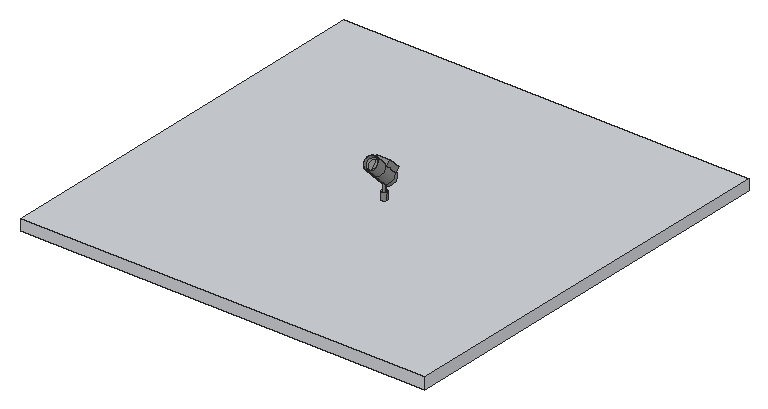
Revit family
Parameters (values of type "ARCOS 1 1/50W QR-CBC 60°")
  URL = "http://www.zumtobel.com/60711218"
  Type Comments = ""
  Note [instance] = "Angle value ranges between 6° and 76°"  # constant formula
  Model = "60711218"
  Manufacturer = "Zumtobel Lighting"  # constant formula
  Lamp = "QR-CBC 51"
  Emit Shape Visible in Rendering = yes
  Description = "Spotlight"
  Body Type = Zumtobel ARCOS (Body) : ARCOS 1 1/50W QR-CBC 60°
  Body [instance] = none
  Apparent Load = 53 VA
  Angle [instance] = 45.00°
  Rotation [instance] = 0.00°
  Default Elevation = 0.00 mm
  Assembly Code = "D5020200"
Types (25, lengths in mm): name | URL | Model | Lamp | Description | Body Type | Apparent Load
  ARCOS 2 1/12W LED | "http://www.zumtobel.com/60711230" | "60711230" | "LED" | "LED spotlight" | Zumtobel ARCOS (Body) : ARCOS 2 1/12W LED | 14 VA
  ARCOS 2 1/20W HIT FL-S | "http://www.zumtobel.com/60711238" | "60711238" | "HIT-TC-CE GU6,5" | "Spotlight" | Zumtobel ARCOS (Body) : ARCOS 2 1/20W HIT FL-S | 24 VA
  ARCOS 2 1/20W HIT WW-S | "http://www.zumtobel.com/60711246" | "60711246" | "HIT-TC-CE GU6,5" | "Wallwasher Spotlight" | Zumtobel ARCOS (Body) : ARCOS 2 1/20W HIT WW-S | 24 VA
  ARCOS 2 1/35W TIT WW-S | "http://www.zumtobel.com/60711268" | "60711268" | "HIT-TC-CE GU6,5" | "Wallwasher Spotlight" | Zumtobel ARCOS (Body) : ARCOS 2 1/35W TIT WW-S | 44 VA
  ARCOS 2 1/30W LED | "http://www.zumtobel.com/60711252" | "60711252" | "LED" | "LED spotlight" | Zumtobel ARCOS (Body) : ARCOS 2 1/30W LED | 32 VA
  ARCOS 2 1/35W TIT FL-S | "http://www.zumtobel.com/60711260" | "60711260" | "HIT-TC-CE GU6,5" | "Spotlight" | Zumtobel ARCOS (Body) : ARCOS 2 1/35W TIT FL-S | 44 VA
  ARCOS 2 1/75W QT12 FL-S | "http://www.zumtobel.com/60711272" | "60711272" | "QT 12" | "Spotlight" | Zumtobel ARCOS (Body) : ARCOS 2 1/75W QT12 FL-S | 79 VA
  ARCOS 2 1/75W QT12 WW-S | "http://www.zumtobel.com/60711286" | "60711286" | "QT 12" | "Wallwasher Spotlight" | Zumtobel ARCOS (Body) : ARCOS 2 1/75W QT12 WW-S | 79 VA
  ARCOS 3 1/100W QR111 45° | "http://www.zumtobel.com/60711304" | "60711304" | "QR 111" | "Spotlight" | Zumtobel ARCOS (Body) : ARCOS 3 1/100W QR111 45° | 105 VA
  ARCOS 3 1/100W QT12 FL-S | "http://www.zumtobel.com/60711328" | "60711328" | "QT 12" | "Spotlight" | Zumtobel ARCOS (Body) : ARCOS 3 1/100W QT12 FL-S | 105 VA
  ARCOS 3 1/100W QT12 WW-S | "http://www.zumtobel.com/60711342" | "60711342" | "QT 12" | "Wallwasher Spotlight" | Zumtobel ARCOS (Body) : ARCOS 3 1/100W QT12 WW-S | 105 VA
  ARCOS 3 1/20W LED | "http://www.zumtobel.com/60711544" | "60711544" | "LED" | "LED Spotlight" | Zumtobel ARCOS (Body) : ARCOS 3 1/20W LED | 20 VA
  ARCOS 3 1/20W LED DMX | "http://www.zumtobel.com/60711556" | "60711556" | "LED" | "LED Spotlight" | Zumtobel ARCOS (Body) : ARCOS 3 1/20W LED DMX | 20 VA
  ARCOS 3 1/25W LED | "http://www.zumtobel.com/60711568" | "60711568" | "LED" | "LED Spotlight" | Zumtobel ARCOS (Body) : ARCOS 3 1/25W LED | 25 VA
  ARCOS 3 1/25W LED DMX | "http://www.zumtobel.com/60711580" | "60711580" | "LED" | "LED Spotlight" | Zumtobel ARCOS (Body) : ARCOS 3 1/25W LED DMX | 25 VA
  ARCOS 3 1/35W HIT | "http://www.zumtobel.com/60711601" | "60711601" | "HIT-TC-CE" | "Spotlight" | Zumtobel ARCOS (Body) : ARCOS 3 1/35W HIT | 42 VA
  ARCOS 3 1/70W HIT | "http://www.zumtobel.com/60711609" | "60711609" | "HIT-TC-CE" | "Spotlight" | Zumtobel ARCOS (Body) : ARCOS 3 1/70W HIT | 73 VA
  ARCOS 3 TEMPURA 1/25W LED DMX | "http://www.zumtobel.com/60711538" | "60711538" | "LED" | "LED Spotlight" | Zumtobel ARCOS (Body) : ARCOS 3 TEMPURA 1/25W LED DMX | 28 VA
  ARCOS 3 TEMPURA 1/25W LED | "http://www.zumtobel.com/60711532" | "60711532" | "LED" | "LED Spotlight" | Zumtobel ARCOS (Body) : ARCOS 3 TEMPURA 1/25W LED | 28 VA
  ARCOS 4 1/100W QR111 45° | "http://www.zumtobel.com/60711498" | "60711498" | "QR 111" | "Spotlight" | Zumtobel ARCOS (Body) : ARCOS 4 1/100W QR111 45° | 105 VA
  ARCOS 4 1/100W QT12 FL-S | "http://www.zumtobel.com/60711500" | "60711500" | "QT 12" | "Spotlight" | Zumtobel ARCOS (Body) : ARCOS 4 1/100W QT12 FL-S | 105 VA
  ARCOS 4 1/100W QT12 WW-S | "http://www.zumtobel.com/60711508" | "60711508" | "QT 12" | "Wallwasher Spotlight" | Zumtobel ARCOS (Body) : ARCOS 4 1/100W QT12 WW-S | 105 VA
  ARCOS 4 1/150W HIT | "http://www.zumtobel.com/60711511" | "60711511" | "HIT-CE" | "Spotlight" | Zumtobel ARCOS (Body) : ARCOS 4 1/150W HIT | 162 VA
  ARCOS 4 1/70W HIT | "http://www.zumtobel.com/60711520" | "60711520" | "HIT-CE" | "Spotlight" | Zumtobel ARCOS (Body) : ARCOS 4 1/70W HIT | 79 VA
  ARCOS 1 1/50W QR-CBC 60° | "http://www.zumtobel.com/60711218" | "60711218" | "QR-CBC 51" | "Spotlight" | Zumtobel ARCOS (Body) : ARCOS 1 1/50W QR-CBC 60° | 53 VA
Reference planes
  plane 1 "Center (Front/Back)": y = 0
  plane 2: z = 0
  plane 3 "Center (Left/Right)": x = 0
  plane 4: z = 40
  plane 5: z = 135.5
Forms (mm)
  Extrusion 1, solid
    sketch origin (0, 0, 0) x (1, 0, 0) y (0, 1, 0)
      loop
        line (-1219.2, 1219.2) -> (-1219.2, -1219.2) -> (1219.2, -1219.2) -> (1219.2, 1219.2) -> (-1219.2, 1219.2)
    from 0 to -66.193
  Extrusion 2, solid, material <- "Body"
    sketch origin (0, 0, 0) x (1, 0, 0) y (0, 1, 0)
      loop
        circle (0, 0) r 17
    from 0 to 40
  Extrusion 3, solid, material <- "Body"
    sketch origin (0, 0, 40) x (1, 0, 0) y (0, 1, 0)
      loop
        circle (0, 0) r 7
    from 0 to 95.5
Lines and regions (mm)
  reference lines
    curve 1: line (0, 901.7, 0) -> (0, 0, 0)
Dimensions and locks
  locked: plane 5 to plane 2 at 135.5
  "Rotation": angle curve 1 to plane 3 "Center (Left/Right)"
  aligned and locked: plane 2 to Extrusion 1
  aligned and locked: level to Extrusion 1
  aligned and locked: plane 1 "Center (Front/Back)" to curve 1
  aligned and locked: plane 3 "Center (Left/Right)" to curve 1
  aligned: nested 1 to plane 1 "Center (Front/Back)"  (x2)
  aligned: curve 1 to nested 1
  aligned and locked: plane 5 to nested 1
  aligned and locked: curve 1 to nested 1
Automatic sketch dimensions
  Extrusion 1 sketch curve to Extrusion 1 sketch curve = 2438.40 mm  (x2)
  plane 1 "Center (Front/Back)" to Extrusion 2 sketch curve = 0.00 mm
  Extrusion 2 sketch curve to plane 3 "Center (Left/Right)" = 0.00 mm
  plane 1 "Center (Front/Back)" to Extrusion 3 sketch curve = 0.00 mm
  Extrusion 3 sketch curve to plane 3 "Center (Left/Right)" = 0.00 mm
  radius of Extrusion 2 sketch curve = 17.00 mm
  radius of Extrusion 3 sketch curve = 7.00 mm
Nested families
  nested 1: "Zumtobel ARCOS (Body)" at (200, 155, 135.5) x (1, 0, 0) z (0, 0, -1), Angle <- "Angle", type <- "Body Type", Body <- "Body", type "ARCOS 1 1/50W QR-CBC 60°"
    with Body none, Angle 45.00°
Connectors
  electrical at (0, 0, 0), driven by "Apparent Load"
    settings: index 1
Definition of nested family "Zumtobel ARCOS (Body)"
  Parameters (values of type "ARCOS 1 1/50W QR-CBC 60°")
    Wattage = 2.5582 W
    WW Offset = if(Type WW, 0.00 mm, 200.00 mm)  # 200.00 mm
    Type WW = no
    built-in parameter 1150110 = 1 (stored number, unit not read)
    URL = ""
    built-in parameter 1114217 = 1 (stored number, unit not read)
    Tilt Angle = 60.00°
    built-in parameter 1150109 = 1 (stored number, unit not read)
    built-in parameter 1150134 = 3
    built-in parameter 1150113 = 1 (stored number, unit not read)
    Radius Body = 40.00 mm
    Photometric Web File = "60710652_60D.IES"
    Model = ""
    Manufacturer = "Zumtobel Lighting"  # constant formula
    built-in parameter 1150105 = 3220.3 (stored number, unit not read)
    Lumens = 380 lm
    built-in parameter 1150115 = 1 (stored number, unit not read)
    built-in parameter 1150137 = (empty or 0)
    built-in parameter 1150139 = (empty or 0)
    Length 4 = 30.00 mm
    Length 3 = 20.00 mm
    Length 2 = 70.75 mm
    Length 1 = 97.50 mm
    built-in parameter 1150112 = 1 (stored number, unit not read)
    built-in parameter 1150114 = 1 (stored number, unit not read)
    Lamp = ""
    built-in parameter 1150132 = 2
    built-in parameter 1150102 = (empty or 0)
    built-in parameter 1150107 = 3200 (stored number, unit not read)
    built-in parameter 1150138 = (empty or 0)
    built-in parameter 1150106 = 32.203 (stored number, unit not read)
    built-in parameter 1150104 = 13.8 (stored number, unit not read)
    Dimming Lamp Color Temperature Shift = (empty or 0)
    Description = "Zumtobel ARCOS Body"  # constant formula
    Default Elevation = 0.00 mm
    Cross = no
    Color Filter = 16777215
    Box = yes
    Body [instance] = none
    built-in parameter 1114218 = 1 (stored number, unit not read)
    built-in parameter 1150133 = 10 (stored number, unit not read)
    Assembly Code = ""
    Apparent Load = 53 VA
    Angle [instance] = 35.00°
  Types (25, lengths in mm): name | Wattage | WW Offset | Type WW | Radius Body | Photometric Web File | built-in parameter 1150105 | Lumens | Length 4 | Length 3 | Length 2 | Length 1 | built-in parameter 1150106 | Cross | Box | Apparent Load | Angle
    ARCOS 2 1/20W HIT FL-S | 10.8723 W | 200.00 | no | 50.00 | "60710664_SG.IES" | 6987.8 (stored number, unit not read) | 1615 lm | 33.63 | 18.64 | 79.96 | 110.20 | 69.878 (stored number, unit not read) | no | yes | 24 VA | 25.00°
    ARCOS 2 1/12W LED | 2.5582 W | 200.00 | no | 50.00 | "ST6288.IES" | 3220.3 (stored number, unit not read) | 380 lm | 33.63 | 18.64 | 54.46 | 149.00 | 32.203 (stored number, unit not read) | no | yes | 24 VA | 35.00°
    ARCOS 2 1/20W HIT WW-S | 10.8723 W | 0.00 | yes | 50.00 | "60710849_WW.IES" | 2769.7 (stored number, unit not read) | 1615 lm | 33.63 | 78.95 | 132.37 | 102.63 | 27.697 (stored number, unit not read) | no | yes | 32 VA | 45.00°
    ARCOS 2 1/30W LED | 7.74192 W | 200.00 | no | 50.00 | "ST6290.IES" | 3043.5 (stored number, unit not read) | 1150 lm | 33.63 | 18.64 | 54.46 | 149.00 | 30.435 (stored number, unit not read) | no | yes | 32 VA | 25.00°
    ARCOS 2 1/35W TIT FL-S | 22.8892 W | 200.00 | no | 50.00 | "60710672_SG.IES" | 12440.9 (stored number, unit not read) | 3400 lm | 33.63 | 18.64 | 79.96 | 110.20 | 124.41 (stored number, unit not read) | no | yes | 44 VA | 45.00°
    ARCOS 2 1/35W TIT WW-S | 22.8892 W | 0.00 | yes | 50.00 | "60710851_WW.IES" | 5831 (stored number, unit not read) | 3400 lm | 33.63 | 78.95 | 132.37 | 102.63 | 58.31 (stored number, unit not read) | no | yes | 44 VA | 15.00°
    ARCOS 2 1/75W QT12 WW-S | 9.08834 W | 0.00 | yes | 50.00 | "60710688_WW.IES" | 2692 (stored number, unit not read) | 1350 lm | 33.63 | 78.95 | 132.37 | 102.63 | 26.92 (stored number, unit not read) | no | yes | 79 VA | 45.00°
    ARCOS 2 1/75W QT12 FL-S | 9.08834 W | 200.00 | no | 50.00 | "60710680_SG.IES" | 5903.7 (stored number, unit not read) | 1350 lm | 33.63 | 18.64 | 79.96 | 110.20 | 59.037 (stored number, unit not read) | no | yes | 79 VA | 25.00°
    ARCOS 3 1/100W QR111 45° | 7.33799 W | 200.00 | no | 60.00 | "60710736_100_45_RS.IES" | 1994.4 (stored number, unit not read) | 1090 lm | 45.00 | 25.94 | 91.75 | 126.45 | 19.944 (stored number, unit not read) | no | yes | 105 VA | 25.00°
    ARCOS 3 1/100W QT12 FL-S | 14.474 W | 200.00 | no | 60.00 | "60710718_SG.IES" | 8177.5 (stored number, unit not read) | 2150 lm | 45.00 | 25.94 | 91.75 | 126.45 | 81.775 (stored number, unit not read) | no | yes | 105 VA | 25.00°
    ARCOS 3 1/100W QT12 WW-S | 14.474 W | 0.00 | yes | 60.00 | "60710722_WZ_OZ50_WW.IES" | 2534 (stored number, unit not read) | 2150 lm | 45.00 | 94.94 | 160.75 | 126.45 | 25.34 (stored number, unit not read) | no | yes | 105 VA | 45.00°
    ARCOS 3 TEMPURA 1/25W LED | 8.13911 W | 200.00 | no | 60.00 | "ST6449.IES" | 1889.7 (stored number, unit not read) | 1209 lm | 45.00 | 25.94 | 91.75 | 126.45 | 18.897 (stored number, unit not read) | no | yes | 0 VA | 25.00°
    ARCOS 3 TEMPURA 1/25W LED DMX | 8.13911 W | 200.00 | no | 60.00 | "ST6449.IES" | 1889.7 (stored number, unit not read) | 1209 lm | 45.00 | 25.94 | 91.75 | 126.45 | 18.897 (stored number, unit not read) | no | yes | 0 VA | 25.00°
    ARCOS 3 1/70W HIT | 44.4319 W | 200.00 | no | 60.00 | "60710702_SG.IES" | 26567.6 (stored number, unit not read) | 6600 lm | 45.00 | 25.94 | 91.75 | 126.45 | 265.68 (stored number, unit not read) | no | yes | 73 VA | 25.00°
    ARCOS 3 1/35W HIT | 22.2159 W | 200.00 | no | 60.00 | "60710694_SG.IES" | 13283.8 (stored number, unit not read) | 3300 lm | 45.00 | 25.94 | 91.75 | 126.45 | 132.84 (stored number, unit not read) | no | yes | 42 VA | 25.00°
    ARCOS 3 1/25W LED DMX | 8.07853 W | 200.00 | no | 60.00 | "ST6448.IES" | 1875.6 (stored number, unit not read) | 1200 lm | 45.00 | 25.94 | 91.75 | 126.45 | 18.756 (stored number, unit not read) | no | yes | 25 VA | 25.00°
    ARCOS 3 1/25W LED | 8.07853 W | 200.00 | no | 60.00 | "ST6448.IES" | 1875.6 (stored number, unit not read) | 1200 lm | 45.00 | 25.94 | 91.75 | 126.45 | 18.756 (stored number, unit not read) | no | yes | 25 VA | 25.00°
    ARCOS 3 1/20W LED DMX | 5.38568 W | 200.00 | no | 60.00 | "ST6446.IES" | 1672.7 (stored number, unit not read) | 800 lm | 45.00 | 25.94 | 91.75 | 126.45 | 16.727 (stored number, unit not read) | no | yes | 20 VA | 25.00°
    ARCOS 3 1/20W LED | 5.38568 W | 200.00 | no | 60.00 | "ST6446.IES" | 1672.7 (stored number, unit not read) | 800 lm | 45.00 | 25.94 | 91.75 | 126.45 | 16.727 (stored number, unit not read) | no | yes | 20 VA | 25.00°
    ARCOS 4 1/100W QT12 FL-S | 14.474 W | 200.00 | no | 70.00 | "60710744_SG_KR.IES" | 7627.8 (stored number, unit not read) | 2150 lm | 70.00 | 29.48 | 104.28 | 143.71 | 76.278 (stored number, unit not read) | no | no | 105 VA | 45.00°
    ARCOS 4 1/100W QR111 45° | 14.474 W | 200.00 | no | 70.00 | "60710744_SG_KR.IES" | 7627.8 (stored number, unit not read) | 2150 lm | 70.00 | 29.48 | 104.28 | 143.71 | 76.278 (stored number, unit not read) | yes | no | 105 VA | 45.00°
    ARCOS 4 1/100W QT12 WW-S | 14.474 W | 0.00 | yes | 70.00 | "60710748.IES" | 7627.8 (stored number, unit not read) | 2150 lm | 70.00 | 103.27 | 156.25 | 143.71 | 76.278 (stored number, unit not read) | no | no | 105 VA | 45.00°
    ARCOS 4 1/150W HIT | 94.2495 W | 200.00 | no | 70.00 | "60710764_SG.IES" | 37602.6 (stored number, unit not read) | 14000 lm | 70.00 | 29.48 | 104.28 | 143.71 | 376.03 (stored number, unit not read) | no | no | 162 VA | 45.00°
    ARCOS 4 1/70W HIT | 46.4515 W | 200.00 | no | 70.00 | "60710756_SG.IES" | 24055.5 (stored number, unit not read) | 6900 lm | 70.00 | 29.48 | 104.28 | 143.71 | 240.55 (stored number, unit not read) | no | no | 79 VA | 45.00°
    ARCOS 1 1/50W QR-CBC 60° | 2.5582 W | 200.00 | no | 40.00 | "60710652_60D.IES" | 3220.3 (stored number, unit not read) | 380 lm | 30.00 | 20.00 | 70.75 | 97.50 | 32.203 (stored number, unit not read) | no | yes | 53 VA | 35.00°
  Reference planes
    plane 1 "Top": z = 0
    plane 2 "Center (Front/Back)": y = -155
    plane 3 "Center (Left/Right)": x = -200
    plane 4: z = 135.5
    plane 5: x = -100
    plane 6: x = 100
    plane 7: x = 0
  Forms (mm)
    Revolve 1, solid, material <- "Body"
      sketch origin (-200, -155, 0) x (0, -0.819152, -0.573576) y (0, 0.573576, -0.819152)
        loop
          line (-32.371, -36.83) -> (-29.262, -36.83) -> (-29.262, -40) -> (68.238, -40) -> (68.238, -37.458) -> (71.347, -37.458) -> (71.347, -40) -> (142.097, -40) -> (142.097, -37.458) -> (122.094, -37.458) -> (115.828, -30.969) -> (115.828, 0) -> (-55.688, 0) -> (-55.688, -40) -> (-32.371, -40) -> (-32.371, -36.83)
        axis (-55.688, 0) -> (142.097, 0)
      angle from 0 to 360
    Extrusion 2, solid, material <- "Body", visible <- "Box"
      sketch origin (-200, -155, 0) x (0, -0.819152, -0.573576) y (0, 0.573576, -0.819152)
        loop
          line (-29.262, 58.87) -> (-29.262, 30) -> (68.238, 30) -> (68.238, 58.87) -> (-29.262, 58.87)
      from -37 to 37
    Extrusion 3, void
      sketch origin (-200, 0, 0) x (0, -1, 0) y (0, 0, -1)
        loop
          line (340.228, -16.795) -> (248.456, 114.27) -> (276.304, -61.555) -> (340.228, -16.795)
      from 100 to 300
    Sweep 4, void
      path origin (-200, -155, 0) x (0, 0.819152, 0.573576) y (0, -0.573576, 0.819152)
        loop
          line (0, 100) -> (0, 0) -> (55.688, 0)
      profile origin (-200, -132.192, 15.971) x (0, -0.573576, 0.819152) y (1, 0, 0)
        loop
          arc (0, 8) -> (-8, 0) -> (0, -8) r 8
          line (0, -8) -> (0, 8)
    Extrusion 5, void
      sketch origin (-200, -155, 0) x (0, -0.819152, -0.573576) y (0, -0.573576, 0.819152)
        loop
          line (0, 0) -> (0, 100) -> (-102.371, 100) -> (-102.371, 0) -> (0, 0)
      from -8 to 8
    Extrusion 6, solid, material <- "Body", visible <- "Cross"
      sketch origin (-200, -255.016, -70.032) x (0, -0.573576, 0.819152) y (0, -0.819152, -0.573576)
        loop
          line (-67.458, 0) -> (67.458, 0) -> (67.458, 20) -> (-67.458, 20) -> (-67.458, 0)
      from 1 to -1
    Extrusion 7, solid, material <- "Body", visible <- "Cross"
      sketch origin (-200, -255.016, -70.032) x (0, -0.573576, 0.819152) y (0, -0.819152, -0.573576)
        loop
          line (-1, 0) -> (1, 0) -> (1, 20) -> (-1, 20) -> (-1, 0)
      from -67.46 to 67.46
  Cuts and joins
    Extrusion 3, Sweep 4, Extrusion 5 cuts Revolve 1
    Sweep 4 cuts Extrusion 2
    joined: Extrusion 6, Extrusion 7
  Lines and regions (mm)
    reference lines
      curve 1: line (-200, -155, 0) -> (-200, -255.016, -70.032)
      curve 2: line (-200, -315.055, -19.156) -> (-200, -271.399, -81.504)
      curve 3: line (-200, -131.03, 16.784) -> (-200, -164.146, 64.078)
      curve 4: line (-200, -247.44, 13.048) -> (-200, -210.898, -39.14)
      curve 5: line (-200, -247.808, 8.154) -> (-200, -213.444, -40.923)
      curve 6: line (-200, -255.016, -70.032) -> (-200, -295.376, -12.393)
      curve 7: line (-200, -161.599, 65.861) -> (-200, -128.484, 18.567)
      curve 8: line (-200, -142.499, 79.236) -> (-200, -109.383, 31.941)
      curve 9: line (-200, -155, 0) -> (-200, -109.383, 31.941)
      curve 10: line (-200, -249.881, -66.436) -> (-200, -290.24, -8.797)
      curve 11: line (-200, -255.016, -70.032) -> (-200, -271.399, -81.504)
    symbolic lines
      curve 12: line (-200, 213.269, -482.639) -> (-200, 193.355, -462.725)
  Dimensions and locks
    locked: plane 4 to plane 1 "Top" at 135.5
    locked: curve 4 to curve 5 at 3.109
    "Length 1": curve 4 to curve 3
    "Length 2": curve 5 to curve 2
    locked: curve 7 to curve 3 at 3.109
    locked: curve 8 to curve 7 at 23.317
    "Length 3": curve 6 to curve 2
    locked: curve 6 to curve 10 at 6.269
    plane 6 to plane 7 to plane 5 = 100.00 mm locked, 100.00 mm locked
    "WW Offset": plane 7 to plane 3 "Center (Left/Right)"
    locked: curve 11 to Extrusion 3 sketch curve at 120
    locked: curve 9 to curve 9 at 55.688
    "Radius Body": Revolve 1 sketch curve to Revolve 1 sketch curve
    locked: Revolve 1 sketch curve to Revolve 1 sketch curve at 2.542
    locked: Extrusion 5 sketch curve to Extrusion 5 sketch curve at 100
    "Length 4": Extrusion 2 sketch curve to curve 1
    Extrusion 2 sketch curve to Extrusion 2 sketch curve = 28.87 mm
    "Radius Body": Extrusion 3 sketch curve to curve 1
    "Angle": angle curve 11 to plane 1 "Top"
    "Angle": angle curve 9 to plane 1 "Top"
    locked: Sweep 4 sketch curve to Sweep 4 sketch curve (angle 90.00°)
    locked: Extrusion 3 sketch curve to Extrusion 3 sketch curve (angle 26.00°)
    aligned and locked: level to plane 1 "Top"
    aligned and locked: plane 2 "Center (Front/Back)" to curve 1
    aligned and locked: plane 1 "Top" to curve 1
    aligned: curve 2 to cut or joined group of Revolve 1, Extrusion 3, Sweep 4, Extrusion 5
    aligned and locked: curve 3 to Extrusion 2 sketch curve
    aligned and locked: Extrusion 2 sketch curve to curve 4
    aligned and locked: curve 3 to Revolve 1 sketch curve
    aligned and locked: curve 7 to Revolve 1 sketch curve
    aligned and locked: curve 8 to Revolve 1 sketch curve
    aligned and locked: curve 4 to Revolve 1 sketch curve
    aligned and locked: Revolve 1 sketch curve to curve 5
    aligned and locked: Revolve 1 sketch curve to curve 10
    aligned and locked: Extrusion 3 sketch curve to curve 2
    aligned and locked: Extrusion 3 to plane 5
    aligned and locked: plane 6 to Extrusion 3
    aligned and locked: Sweep 4 sketch curve to curve 9
    aligned and locked: profile plane to Sweep 4 sketch curve
    aligned and locked: Extrusion 5 sketch curve to curve 9
    aligned and locked: Revolve 1 sketch curve to Revolve 1 sketch curve  (x2)
    aligned and locked: imposter light to curve 11  (x2)
    aligned and locked: Extrusion 6 sketch curve to curve 6
    aligned and locked: curve 2 to Extrusion 6 sketch curve
    aligned and locked: Extrusion 7 sketch curve to curve 6
    aligned and locked: curve 2 to Extrusion 7 sketch curve
  Automatic sketch dimensions
    plane 2 "Center (Front/Back)" to curve 8 = 12.501 mm
    curve 7 to plane 2 "Center (Front/Back)" = 6.599 mm
    curve 7 to curve 3 = 2.547 mm
    curve 5 to level = 8.154 mm
    curve 4 to level = 13.048 mm
    level to curve 10 = 8.797 mm
    level to curve 6 = 12.393 mm
    level to curve 2 = 19.156 mm
    Revolve 1 sketch curve to curve 11 = 0.00 mm  (x3)
    curve 1 to Revolve 1 sketch curve = 0.00 mm
    Revolve 1 sketch curve to Revolve 1 sketch curve = 6.266 mm
    curve 11 to Revolve 1 sketch curve = 30.00 mm
    Revolve 1 sketch curve to Revolve 1 sketch curve = 2.542 mm
    Revolve 1 sketch curve to Revolve 1 sketch curve = 3.17 mm
    Revolve 1 sketch curve to Revolve 1 sketch curve = 6.489 mm
    Sweep 4 sketch curve to profile plane = 0.00 mm
    Sweep 4 sketch curve to Sweep 4 sketch curve = 8.00 mm
    Extrusion 5 sketch curve to curve 9 = 46.683 mm
    Sweep 4 sketch curve to curve 9 = 0.00 mm
    Extrusion 6 sketch curve to curve 6 = 67.458 mm
    curve 6 to Extrusion 6 sketch curve = 67.458 mm
    Extrusion 7 sketch curve to curve 6 = 1.00 mm
    curve 6 to Extrusion 7 sketch curve = 1.00 mm
    plane 2 "Center (Front/Back)" to curve 12 = 368.269 mm
    curve 12 to curve 12 = 19.914 mm  (x2)
    level to curve 12 = 482.639 mm
